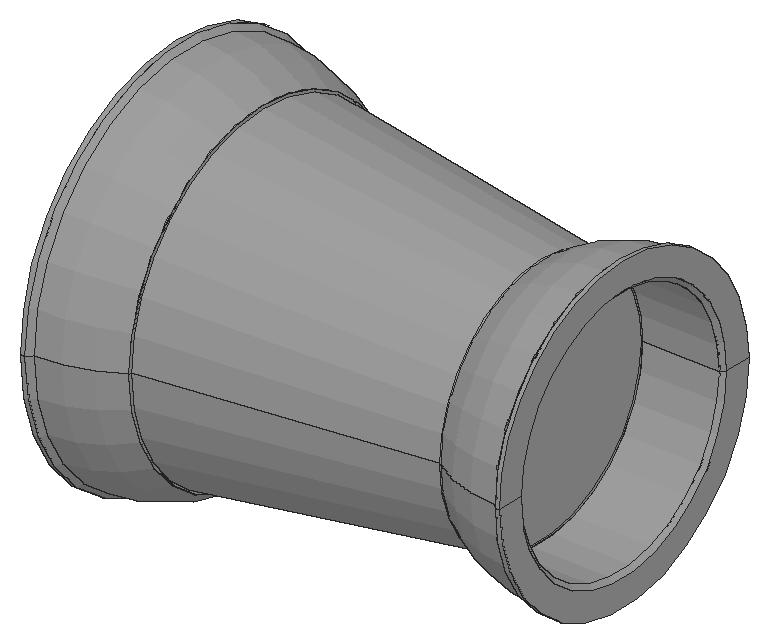
Revit family "Duc_JGS_Reducoes", category Pipe Fittings, Revit 2025
Family settings
  Round Connector Dimension = Use Diameter
  Part Type = Union
  Work Plane-Based = No
  Always vertical = No
  Cut with Voids When Loaded = No
  Shared = Yes
Parameters
  Tabela [instance] = "Duc_JGS_Reducoes"
  Nominal Radius2 [instance] = Corpo_R2  # 166.15 mm
  Nominal Radius [instance] = Corpo_R1  # 217.65 mm
  Nominal Diameter2 [instance] = 300.0 mm
  Nominal Diameter [instance] = 400.0 mm
  Material_Conexao = FoFo
  Manufacturer = "SGC"
  Loss Method = Not Defined
  K Coefficient Table = "Tee"
  EK7 [instance] = size_lookup(Tabela, "EK7", 5.2 mm, Nominal Diameter, Nominal Diameter2)  # 6.3 mm
  Description = "Reduções concecêntricas com bolsas"
  Default Elevation = 0.0 mm
  Corpo_R2 [instance] = Corpo_DE2 / 2  # 166.15 mm
  Corpo_R1 [instance] = Corpo_DE1 / 2  # 217.65 mm
  Corpo_L [instance] = size_lookup(Tabela, "Corpo_L", 200.0 mm, Nominal Diameter, Nominal Diameter2)  # 370.0 mm
  Corpo_DE2 [instance] = size_lookup(Tabela, "Bolsa_DE2", 54.2 mm, Nominal Diameter, Nominal Diameter2) + EK7  # 332.3 mm
  Corpo_DE1 [instance] = size_lookup(Tabela, "Bolsa_DE", 54.2 mm, Nominal Diameter, Nominal Diameter2) + EK7  # 435.3 mm
  Angle [instance] = 0.00°
Reference planes
  plane 1 "Center (Front/Back)": y = 0
  plane 2: z = 0
  plane 3 "Center (Left/Right)": x = 468.25
  plane 4 "EE": x = 283.25
  plane 5 "ED": x = 653.25
Forms (mm)
  SweptBlend 1, solid, material "FoFo" <- "Material_Conexao"
    path origin (0, 0, 0) x (1, 0, 0) y (0, 1, 0)
      loop
        line (283.25, 0) -> (653.25, 0)
    profile origin (283.25, 0, 0) x (0, 1, 0) y (0, 0, 1)
      loop
        circle (0, 0) r 217.65
    end profile origin (653.25, 0, 0) x (0, 1, 0) y (0, 0, 1)
      loop
        circle (0, 0) r 166.15
Dimensions and locks
  "Corpo_L": plane 4 "EE" to plane 5 "ED"
  equal spacing: plane 4 "EE", plane 3 "Center (Left/Right)", plane 5 "ED"
  "Corpo_DE1": diameter of SweptBlend 1 sketch curve
  "Corpo_DE2": diameter of SweptBlend 1 sketch curve
  aligned and locked: nested 2 to SweptBlend 1 sketch curve
  aligned and locked: plane 4 "EE" to SweptBlend 1 sketch curve
  aligned and locked: plane 5 "ED" to SweptBlend 1 sketch curve
  aligned and locked: nested 1 to plane 5 "ED"
  aligned and locked: nested 2 to plane 4 "EE"
Automatic sketch dimensions
  SweptBlend 1 sketch curve to level = 0.0 mm  (x2)
  SweptBlend 1 sketch curve to profile plane = 0.0 mm  (x2)
Nested families
  nested 1: "Duc_JGS_Bolsas" at (-1965, 0, 0), Nominal Radius <- "Nominal Radius2", Nominal Diameter <- "Nominal Diameter2", type "Duc_JGS_Bolsas"
    with Tabela "Duc_JGS_Bolsas", Nominal Radius 150.0 mm, Nominal Diameter 300.0 mm, EK7 5.7 mm, Borde2 11.4 mm, Borde1 5.7 mm, Bolsa_P 107.5 mm, Bolsa_DI 164.5 mm, Bolsa_DE1 168.7 mm, Bolsa_DE 163.0 mm, Bolsa_B 205.0 mm
  nested 2: "Duc_JGS_Bolsas" at (2901.5, 0, 0) x (-1, 0, 0) z (0, 0, 1), Nominal Diameter <- "Nominal Diameter", type "Duc_JGS_Bolsas"
    with Tabela "Duc_JGS_Bolsas", Nominal Radius 200.0 mm, Nominal Diameter 400.0 mm, EK7 6.3 mm, Borde2 12.6 mm, Borde1 6.3 mm, Bolsa_P 112.5 mm, Bolsa_DI 216.0 mm, Bolsa_DE1 220.8 mm, Bolsa_DE 214.5 mm, Bolsa_B 258.5 mm
Connectors
  piping at (653.25, 0, 0), diameter 300, driven by "Nominal Diameter2"
    settings: on SweptBlend 1, index 1, connector inside diameter 609.6 mm, connector length 0.0 mm, flow factor 0, pipe flow 0 L/s, pressure drop 0.00 psi, fitting loss kfactor 0, connector angle 0.00°, fixture units 0, engagement length 0.0 mm, angle of deflection 0.00°, flow configuration 0, flow direction 0, fitting loss method 0, system type 7, joint type 0, gender type 0, connector reference index -1, connector utility 0, adjustable connector no, is connector primary yes, connector description ""
  piping at (283.25, 0, 0), diameter 400, driven by "Nominal Diameter"
    settings: on SweptBlend 1, index 2, connector inside diameter 609.6 mm, connector length 0.0 mm, flow factor 0, pipe flow 0 L/s, pressure drop 0.00 psi, fitting loss kfactor 0, connector angle 0.00°, fixture units 0, engagement length 0.0 mm, angle of deflection 0.00°, flow configuration 0, flow direction 0, fitting loss method 0, system type 7, joint type 0, gender type 0, connector reference index -1, connector utility 0, adjustable connector no, is connector primary no, connector description ""
Definition of nested family "Duc_JGS_Bolsas"
  Parameters (values of type "Duc_JGS_Bolsas")
    Tabela [instance] = "Duc_JGS_Bolsas"
    Nominal Radius [instance] = Nominal Diameter / 2  # 40.0 mm
    Nominal Diameter [instance] = 80.0 mm
    Manufacturer = "SGC"
    Loss Method = 1
    K Coefficient Table = "Tee"
    EK7 [instance] = size_lookup(Tabela, "EK7", 5.2 mm, Nominal Diameter)  # 5.2 mm
    Description = "Bolsas JGS - JTI - JTE"
    Material_Conexao = none
    Default Elevation = 0.0 mm
    Borde2 [instance] = EK7 * 2  # 10.4 mm
    Borde1 [instance] = EK7  # 5.2 mm
    Bolsa_DE1 [instance] = Bolsa_DE + EK7  # 54.2 mm
    Bolsa_P [instance] = size_lookup(Tabela, "Bolsa_P", 94.5 mm, Nominal Diameter)  # 92.5 mm
    Bolsa_DI [instance] = size_lookup(Tabela, "Bolsa_DI", 60.5 mm, Nominal Diameter) / 2  # 50.5 mm
    Bolsa_DE [instance] = size_lookup(Tabela, "Bolsa_DE", 59.0 mm, Nominal Diameter) / 2  # 49.0 mm
    Bolsa_B [instance] = size_lookup(Tabela, "Bolsa_B", 118.0 mm, Nominal Diameter) / 2  # 84.0 mm
  Reference planes
    plane 1 "Center (Front/Back)": y = 0
    plane 2: z = 0
    plane 3 "Center (Left/Right)": x = 2618.25
    plane 4: x = 2710.75
    plane 5: y = 84
    plane 6: y = 50.5
    plane 7: y = 49
    plane 8: y = 54.2
  Forms (mm)
    Revolve 1, solid, material <- "Material_Conexao"
      sketch origin (0, 0, 0) x (1, 0, 0) y (0, 1, 0)
        loop
          line (2618.25, 50.5) -> (2705.55, 50.5) -> (2710.75, 55.7) -> (2710.75, 84) -> (2705.55, 84) -> (2700.35, 78.8)
          arc (2700.35, 78.8) -> (2657.555, 72.323) -> (2618.25, 54.2) r 154.08
          line (2618.25, 54.2) -> (2617.25, 54.2) -> (2617.25, 49) -> (2618.25, 49) -> (2618.25, 50.5)
        axis (2617.25, 0) -> (2710.75, 0)
      angle from 0 to 360
  Lines and regions (mm)
    model lines
      curve 1: line (2618.25, 0, 200.5) -> (2618.25, 0, -200.5)
      curve 3: line (2618.25, 0, 0) -> (2710.75, 0, 0)
    reference lines
      curve 2: line (2618.25, 0, 0) -> (2710.75, 0, 0)
  Dimensions and locks
    "Borde1": Revolve 1 sketch curve to Revolve 1 sketch curve  (x4)
    "Borde2": Revolve 1 sketch curve to Revolve 1 sketch curve
    "Borde1": Revolve 1 sketch curve to plane 8
    "Bolsa_B": plane 5 to plane 1 "Center (Front/Back)"
    "Bolsa_DI": plane 6 to plane 1 "Center (Front/Back)"
    "Bolsa_DE": plane 7 to plane 1 "Center (Front/Back)"
    "Bolsa_DE1": plane 8 to plane 1 "Center (Front/Back)"
    "Bolsa_P": plane 3 "Center (Left/Right)" to plane 4
    locked: Revolve 1 sketch curve to Revolve 1 sketch curve at 1
    aligned and locked: plane 5 to Revolve 1 sketch curve
    aligned and locked: Revolve 1 sketch curve to plane 6
    aligned and locked: Revolve 1 sketch curve to plane 3 "Center (Left/Right)"
    aligned and locked: plane 1 "Center (Front/Back)" to curve 2
    aligned and locked: curve 2 to plane 3 "Center (Left/Right)"
    aligned and locked: plane 4 to curve 2
    aligned and locked: curve 3 to curve 2
  Automatic sketch dimensions
    curve 1 to plane 1 "Center (Front/Back)" = 0.0 mm
    curve 1 to level = 200.5 mm
    level to curve 1 = 200.5 mm
    curve 3 to plane 3 "Center (Left/Right)" = 0.0 mm
    curve 3 to plane 4 = 0.0 mm
    Revolve 1 sketch curve to plane 1 "Center (Front/Back)" = 0.0 mm
    Revolve 1 sketch curve to plane 3 "Center (Left/Right)" = 0.0 mm  (x2)
    Revolve 1 sketch curve to plane 4 = 0.0 mm
    Revolve 1 sketch curve to plane 8 = 0.0 mm
    Revolve 1 sketch curve to plane 4 = 8.97 mm
    plane 4 to Revolve 1 sketch curve = 1.322 mm
